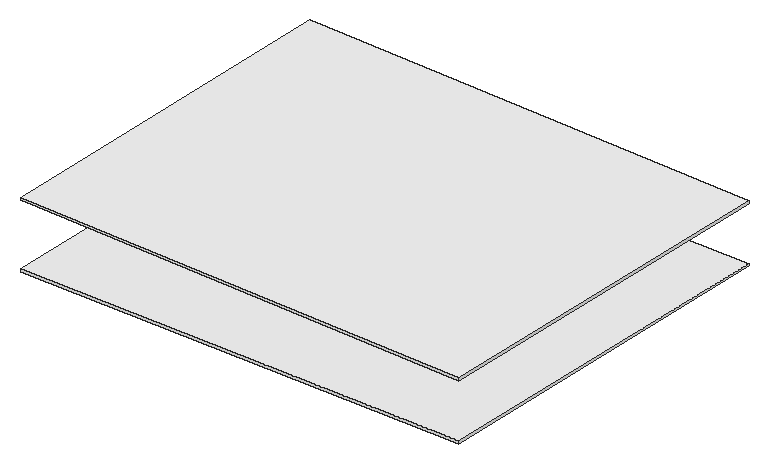
Revit family "Laje_Pilotis_A2", category Structural Framing, Revit 2020
Family settings
  Display in Hidden Views = Edges Hidden by Other Members
  Structural Framing Length Roundoff = 0.000 m
  Section Shape = Not Defined
  Material for Model Behavior = Concrete
  Always export as geometry = No
  OmniClass Number = 23.25.30.11.14.14
  OmniClass Title = Beams
  Always vertical = Yes
  Cut with Voids When Loaded = No
  Symbolic Representation = From Family
  Shared = No
  Show family pre-cut in plan views = Yes
Parameters
  Structural Material [instance] = CT_Concreto
  Modulo_Andar2 = 7.380 m
  Modulo_Andar1 = 7.300 m
  H2 [instance] = 1.140 m
  Assembly Code = ""
  Length [instance] = 8.950 m
  b = 0.120 m
  h = 1.300 m
Reference planes (m)
  plane 1 "Center (Front/Back)": y = 0
  plane 2: z = 0
  plane 3 "Center (Left/Right)": x = 5.20261
  plane 4: z = 1.3
  plane 5 "Left": x = 0.72761
  plane 6 "Right": x = 9.67761
  plane 7: z = 1.14
  plane 8: y = 7.38
  plane 9: y = 3.69
Forms (m)
  Extrusion 1, solid, material "CT_Concreto" <- "Structural Material"
    sketch origin (0, 0, -0.05) x (1, 0, 0) y (0, 0, 1)
      loop
        line (0.72761, 0) -> (9.67761, 0) -> (9.67761, 0.05) -> (0.72761, 0.05) -> (0.72761, 0)
      loop
        line (0.72761, 1.35) -> (0.72761, 1.299992) -> (9.67761, 1.139992) -> (9.67761, 1.19) -> (0.72761, 1.35)
    from -7.38 to 0
Dimensions and locks (m)
  plane 2 to plane 4 = 1.300 m
  "Length": plane 5 "Left" to plane 6 "Right"
  "h": plane 4 to plane 2
  "H2": plane 7 to level
  Extrusion 1 to Extrusion 1 = 7.380 m  (x2)
  equal spacing: plane 8, plane 9, plane 1 "Center (Front/Back)"
  "Modulo_Andar2": plane 8 to plane 1 "Center (Front/Back)"
  Extrusion 1 to plane 9 to Extrusion 1 = 3.690 m, 3.690 m
  aligned and locked: plane 6 "Right" to Extrusion 1 sketch curve  (x2)
  aligned and locked: Extrusion 1 sketch curve to plane 5 "Left"
  aligned and locked: Extrusion 1 sketch curve to Extrusion 1 sketch curve
  aligned and locked: plane 1 "Center (Front/Back)" to Extrusion 1
  aligned and locked: Extrusion 1 to plane 8
  aligned and locked: Extrusion 1 to level
Automatic sketch dimensions
  Extrusion 1 sketch curve to level = 0.000 m
  Extrusion 1 sketch curve to plane 7 = 0.000 m
  Extrusion 1 sketch curve to level = 0.050 m
  Extrusion 1 sketch curve to Extrusion 1 sketch curve = 0.050008 m
  plane 4 to Extrusion 1 sketch curve = 0.050008 m
  Extrusion 1 sketch curve to plane 4 = 0.000 m
